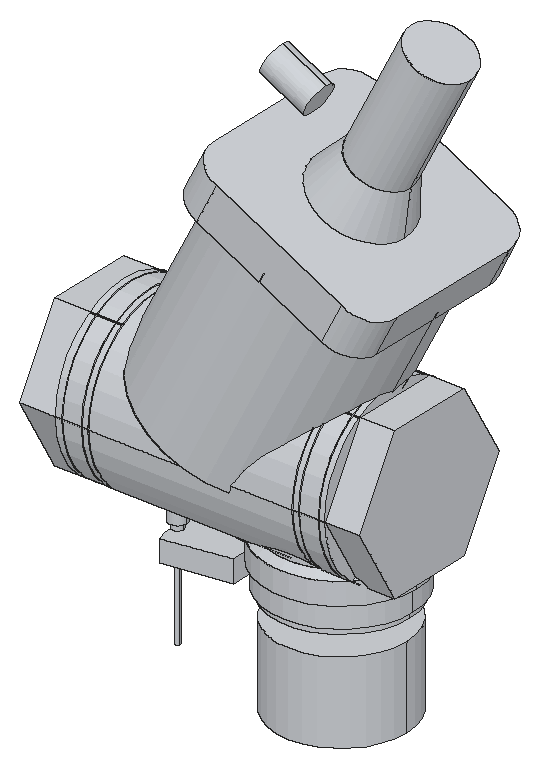
Revit family "PV_Compact_DN032_ 20-80_FF_měř_RFA_2019", category Pipe Accessories, Revit 2019
Family settings
  Round Connector Dimension = Use Diameter
  Part Type = Valve - Breaks Into
  Work Plane-Based = No
  Always vertical = Yes
  Cut with Voids When Loaded = No
  Shared = No
Parameters (values of type "PV Compact DN32 FF s měřením ( 20-80kPa)")
  magiProductId = "4a8a1c2c3ced401aa76adec660b182"
  magiProductFamilyId = "17221e4467384e4990f0bd3f9c07cb"
  magiPartTypeId = 304
  isMeasuringValve [instance] = no
  ang2D [instance] = 0.00°
  Z7 = 15 mm
  Z6 = 40.2 mm
  Z5 = 93.8 mm
  Z4 = 80.4 mm
  Z3 = 13.4 mm
  Z2 = 67 mm
  XR3 = 42.5 mm
  XR2 = 37.5 mm
  XR1 = 25.5 mm
  W2D = 15 mm
  VersionID = "2.0/2018.12.13.2/FRESE_PV_COMPACT_PLUG_Q13_001"
  Use Minimum Symbol Size [instance] = no
  URL = "www.hydronix.cz"
  Type Comments = "závitový s vnitřním závitem; dvěma měřicími vsuvkami; PN25; dpmax=450kPa; -10~+120°C;"
  R5 = 5 mm
  R4 = 15 mm
  R3 = 10 mm
  R2 = 26.5 mm
  R1 = 31.5 mm
  QmdConnectorList = "301;D;302;D"
  Productdata [instance] = ""
  PH__ve = -PH  # -13.6 mm
  PH = 13.6 mm
  NL__ve = -NL  # -20.8 mm
  NL = 20.8 mm
  Manufacturer = "Hydronix"
  MC Use Limits From Balancing Method = no
  MC Throttling Minimum Value = 0
  MC Throttling Maximum Value = 0
  MC Product Code = "53-3214 DN32; FF; nastavitelný rozsah dp=20~80kPa; Q=1000~5000l/h;  kvs=10,1"
  MC Pressure Drop Minimum Value = 0.0 Pa
  MC Pressure Drop Maximum Value = 0.0 Pa
  MC Piping Given Pressure Drop [instance] = 0.0 Pa
  M5 = 41.2 mm
  M4 = 39.2 mm
  M3 = 33.2 mm
  M2 = 31.2 mm
  LP = 52 mm
  LM = 62.4 mm
  LL__ve = -LL  # -6.8 mm
  LLT__ve = -LLT  # -22.6 mm
  LLT = 22.6 mm
  LL2 = 43 mm
  LL = 6.8 mm
  L3 = 25 mm
  L2D_Min = 30.48 mm
  L2D = 65 mm
  Description = "Nastavitelný regulátor tlakové diference"
  DR1 = no
  DR0 = yes
  DL2 = 66 mm
  D = 32 mm
  CenSd_R2_6 = R2 * cos(30.00°)  # 22.95 mm
  CAT0 = yes
  C0D1 = no
  C0D0 = yes
Types (10, lengths in mm): name | magiProductId | Z6 | Z5 | Z4 | Z3 | Z2 | XR3 | XR2 | XR1 | R2 | R1 | PH__ve | PH | NL__ve | NL | MC Product Code | M5 | M4 | M3 | M2 | LP | LM | LL__ve | LLT__ve | LLT | LL2 | LL | L3 | D | CenSd_R2_6
  PV Compact DN15 FF s měřením ( 20-60kPa) | "92c6061b2d364c498536f200ceae3f" | 24.6 | 57.4 | 49.2 | 8.2 | 41 | 30 | 25 | 13 | 14 | 19 | -22.4 | 22.4 | -15 | 15 | "53-3205 DN15; FF; nastavitelný rozsah dp=20~60kPa; Q=100~1000l/h;  kvs=2,9" | 32.5 | 30.5 | 24.5 | 22.5 | 37.5 | 45 | -5.7 | -14.9 | 14.9 | 32 | 5.7 | 11 | 15 | 12.124
  PV Compact DN15 FF s měřením (  5-30kPa) | "f361d342a5c3496a8b127ae77303d4" | 24.6 | 57.4 | 49.2 | 8.2 | 41 | 30 | 25 | 13 | 14 | 19 | -22.4 | 22.4 | -15 | 15 | "53-3204 DN15; FF; nastavitelný rozsah dp=5~30kPa; Q=50~600l/h;  kvs=2,9" | 32.5 | 30.5 | 24.5 | 22.5 | 37.5 | 45 | -5.7 | -14.9 | 14.9 | 32 | 5.7 | 11 | 15 | 12.124
  PV Compact DN20 FF s měřením ( 20-60kPa) | "9f7cac6a20a942348ba3edadb25c10" | 24.6 | 57.4 | 49.2 | 8.2 | 41 | 30 | 25 | 13 | 14 | 19 | -22.4 | 22.4 | -15.8 | 15.8 | "53-3207 DN20; FF; nastavitelný rozsah dp=20~60kPa; Q=150~2000l/h;  kvs=3,5" | 33.7 | 31.7 | 25.7 | 23.7 | 39.5 | 47.4 | -5.7 | -14.9 | 14.9 | 32 | 5.7 | 11 | 20 | 12.124
  PV Compact DN20 FF s měřením (  5-30kPa) | "db23a1b537c14a0d8d3ef5b88ba9f3" | 24.6 | 57.4 | 49.2 | 8.2 | 41 | 30 | 25 | 13 | 14 | 19 | -22.4 | 22.4 | -15.8 | 15.8 | "53-3206 DN20; FF; nastavitelný rozsah dp=5~30kPa; Q=100~1000l/h;  kvs=3,5" | 33.7 | 31.7 | 25.7 | 23.7 | 39.5 | 47.4 | -5.7 | -14.9 | 14.9 | 32 | 5.7 | 11 | 20 | 12.124
  PV Compact DN25 FF s měřením (  5-30kPa) | "df9f1d59aa4a4bbbaec25e168ba07d" | 25.5 | 59.5 | 51 | 8.5 | 42.5 | 30 | 25 | 13 | 14 | 19 | -20.8 | 20.8 | -16.6 | 16.6 | "53-3208 DN25; FF; nastavitelný rozsah dp=5~30kPa; Q=600~2100l/h;  kvs=4,0" | 34.9 | 32.9 | 26.9 | 24.9 | 41.5 | 49.8 | -5.9 | -16.3 | 16.3 | 34 | 5.9 | 11 | 25 | 12.124
  PV Compact DN25L FF s měřením ( 20-80kPa) | "87b7cca8bace4074a54840dfb5d8dc" | 40.2 | 93.8 | 80.4 | 13.4 | 67 | 42.5 | 37.5 | 25.5 | 26.5 | 31.5 | -17.6 | 17.6 | -20 | 20 | "53-3211 DN25L; FF; nastavitelný rozsah dp=20~80kPa; Q=750~4200l/h;  kvs=8,7" | 40 | 38 | 32 | 30 | 50 | 60 | -6.3 | -19.1 | 19.1 | 38 | 6.3 | 11 | 25 | 22.95
  PV Compact DN25L FF s měřením (  5-30kPa) | "5f34f6c18cbb44599cc4b76a533b7b" | 40.2 | 93.8 | 80.4 | 13.4 | 67 | 42.5 | 37.5 | 25.5 | 26.5 | 31.5 | -17.6 | 17.6 | -20 | 20 | "53-3210 DN25L; FF; nastavitelný rozsah dp=5~30kPa; Q=600~2500l/h;  kvs=8,7" | 40 | 38 | 32 | 30 | 50 | 60 | -6.3 | -19.1 | 19.1 | 38 | 6.3 | 11 | 25 | 22.95
  PV Compact DN32 FF s měřením ( 20-80kPa) | "4a8a1c2c3ced401aa76adec660b182" | 40.2 | 93.8 | 80.4 | 13.4 | 67 | 42.5 | 37.5 | 25.5 | 26.5 | 31.5 | -13.6 | 13.6 | -20.8 | 20.8 | "53-3214 DN32; FF; nastavitelný rozsah dp=20~80kPa; Q=1000~5000l/h;  kvs=10,1" | 41.2 | 39.2 | 33.2 | 31.2 | 52 | 62.4 | -6.8 | -22.6 | 22.6 | 43 | 6.8 | 25 | 32 | 22.95
  PV Compact DN40 FF s měřením ( 20-80kPa) | "8dd334465d8f48dd802c3dab6bec5b" | 46.8 | 109.2 | 93.6 | 15.6 | 78 | 42.5 | 37.5 | 25.5 | 26.5 | 31.5 | -11.2 | 11.2 | -27.6 | 27.6 | "53-3216 DN40; FF; nastavitelný rozsah dp=20~80kPa; Q=3000~8000l/h;  kvs=15,8" | 51.4 | 49.4 | 43.4 | 41.4 | 69 | 82.8 | -7.1 | -24.7 | 24.7 | 46 | 7.1 | 25 | 40 | 22.95
  PV Compact DN50 FF s měřením ( 20-80kPa) | "de24153ded7e41748f92358b184bd6" | 46.8 | 109.2 | 93.6 | 15.6 | 78 | 42.5 | 37.5 | 25.5 | 35.25 | 31.5 | -6.4 | 6.4 | -27.6 | 27.6 | "53-3218 DN50; FF; nastavitelný rozsah dp=20~80kPa; Q=5000~11500l/h;  kvs=16,2" | 51.4 | 49.4 | 43.4 | 41.4 | 69 | 82.8 | -7.7 | -28.9 | 28.9 | 52 | 7.7 | 25 | 50 | 30.527
Reference planes
  plane 1 "Center (Front/Back)": y = 0
  plane 2 "XYPLANE": z = 0
  plane 3 "Center (Left/Right)": x = 0
  plane 4 "408": x = 52
  plane 5 "407": x = -52
  plane 6 "402": z = -66
  plane 7 "213": x = 25
  plane 8 "168": z = -18.6
  plane 9 "167": z = -20.6
  plane 10 "166": z = -27.4
  plane 11 "165": z = -34.2
  plane 12 "164": z = -36.2
  plane 13 "154": z = 0
  plane 14 "152": y = 0
  plane 15 "151": z = -43
  plane 16 "150": x = -25
  plane 17 "75": through (307.08, 0, 685.28) normal (0.891, 0, -0.454)
  plane 18 "74": x = 41.2
  plane 19 "73": x = 39.2
  plane 20 "72": x = 33.2
  plane 21 "71": x = 31.2
  plane 22 "70": x = -41.2
  plane 23 "69": x = -39.2
  plane 24 "68": x = -33.2
  plane 25 "67": y = 0
  plane 26 "66": through (-666.893, 0, 343.166) normal (0.454, 0, 0.891)
  plane 27 "65": x = -31.2
  plane 28 "64": through (335.147, 0, 670.979) normal (0.891, 0, -0.454)
  plane 29 "63": through (-637.838, 0, 400.19) normal (0.454, 0, 0.891)
  plane 30 "62": through (363.214, 0, 656.678) normal (0.891, 0, -0.454)
  plane 31 "61": y = 31.5
  plane 32 "60": y = -31.5
  plane 33 "59": through (-631.754, 0, 412.13) normal (0.454, 0, 0.891)
  plane 34 "58": through (-625.671, 0, 424.069) normal (0.454, 0, 0.891)
  plane 35 "57": through (302.625, 0, 687.549) normal (0.891, 0, -0.454)
  plane 36 "56": x = 0
  plane 37 "55": through (-668.255, 0, 340.493) normal (0.454, 0, 0.891)
  plane 38 "102XY": through (-668.255, 0, 340.493) normal (0.454, 0, 0.891)
  plane 39 "102XZ": y = 0
  plane 40 "102YZ": through (340.493, 0, 668.255) normal (0.891, 0, -0.454)
Forms (mm)
  Extrusion 1, solid
    sketch origin (52, -750, 0) x (0, 1, 0) y (0, 0, 1)
      loop
        line (776.5, 0) -> (763.25, 22.95) -> (736.75, 22.95) -> (723.5, 0) -> (736.75, -22.95) -> (763.25, -22.95) -> (776.5, 0)
    from 0 to -20.8 <- "NL__ve"
  Extrusion 2, solid
    sketch origin (-52, -750, 0) x (0, 1, 0) y (0, 0, 1)
      loop
        line (723.5, 0) -> (736.75, -22.95) -> (763.25, -22.95) -> (776.5, 0) -> (763.25, 22.95) -> (736.75, 22.95) -> (723.5, 0)
    from 0 to 20.8 <- "NL"
  Extrusion 3, solid, visible <- "C0D1"
    sketch origin (-750, 0, -66) x (1, 0, 0) y (0, 1, 0)
      loop
        circle (775, 0) r 24
    from 0 to 50
  Extrusion 4, solid, visible <- "DR1"
    sketch origin (-750, 0, -27.4) x (1, 0, 0) y (0, 1, 0)
      loop
        line (775, -24.5) -> (780.092, -6) -> (780.092, 6) -> (775, 24.5) -> (750.608, 6) -> (750.608, -6) -> (775, -24.5)
    from 0 to -13.6 <- "PH__ve"
  Extrusion 5, solid, visible <- "DR1"
    sketch origin (-750, 0, -27.4) x (1, 0, 0) y (0, 1, 0)
      loop
        circle (775, 0) r 24
    from 0 to 6.8 <- "LL"
  Blend 6, solid, visible <- "DR1"
    base sketch origin (-750, 0, -18.6) x (1, 0, 0) y (0, 1, 0)
      loop
        circle (775, 0) r 21.5
    top sketch origin (-750, 0, -18.6) x (1, 0, 0) y (0, 1, 0)
      loop
        circle (775, 0) r 24
    from 0 to -2
  Extrusion 7, solid, visible <- "DR1"
    sketch origin (-750, 0, 0) x (1, 0, 0) y (0, 1, 0)
      loop
        circle (775, 0) r 21.5
    from 0 to -22.6 <- "LLT__ve"
  Extrusion 8, solid, visible <- "C0D0"
    sketch origin (-750, 0, -43) x (1, 0, 0) y (0, 1, 0)
      loop
        circle (775, 0) r 20
    from 0 to -25
  Extrusion 9, solid, visible <- "DR0"
    sketch origin (-750, 0, -36.2) x (1, 0, 0) y (0, 1, 0)
      loop
        line (775, -7) -> (775.762, -3.5) -> (775.762, 3.5) -> (775, 7) -> (754.938, 3.5) -> (754.938, -3.5) -> (775, -7)
    from 0 to -6.8 <- "LL__ve"
  Extrusion 10, solid, visible <- "DR0"
    sketch origin (-750, 0, -36.2) x (1, 0, 0) y (0, 1, 0)
      loop
        circle (775, 0) r 21
    from 0 to 2
  Extrusion 11, solid, visible <- "DR0"
    sketch origin (-750, 0, -27.4) x (1, 0, 0) y (0, 1, 0)
      loop
        circle (775, 0) r 23
    from 0 to 6.8 <- "LL"
  Blend 12, solid, visible <- "DR0"
    base sketch origin (-750, 0, -18.6) x (1, 0, 0) y (0, 1, 0)
      loop
        circle (775, 0) r 20.5
    top sketch origin (-750, 0, -18.6) x (1, 0, 0) y (0, 1, 0)
      loop
        circle (775, 0) r 23
    from 0 to -2
  Extrusion 13, solid, visible <- "DR0"
    sketch origin (-750, 0, 0) x (1, 0, 0) y (0, 1, 0)
      loop
        circle (775, 0) r 20.5
    from 0 to -22.6 <- "LLT__ve"
  Extrusion 14, solid, visible <- "DR0"
    sketch origin (-750, 0, 0) x (1, 0, 0) y (0, 1, 0)
      loop
        circle (775, 0) r 20.5
    from 0 to -22.6 <- "LLT__ve"
  Blend 15, solid, visible <- "DR0"
    base sketch origin (-750, 0, -18.6) x (1, 0, 0) y (0, 1, 0)
      loop
        circle (775, 0) r 20.5
    top sketch origin (-750, 0, -18.6) x (1, 0, 0) y (0, 1, 0)
      loop
        circle (775, 0) r 23
    from 0 to -2
  Extrusion 16, solid, visible <- "DR0"
    sketch origin (-750, 0, -27.4) x (1, 0, 0) y (0, 1, 0)
      loop
        circle (775, 0) r 23
    from 0 to 6.8 <- "LL"
  Extrusion 17, solid, visible <- "DR0"
    sketch origin (-750, 0, -34.2) x (1, 0, 0) y (0, 1, 0)
      loop
        circle (775, 0) r 22
    from 0 to 6.8 <- "LL"
  Extrusion 18, solid, visible <- "DR0"
    sketch origin (-750, 0, -36.2) x (1, 0, 0) y (0, 1, 0)
      loop
        circle (775, 0) r 21
    from 0 to 2
  Extrusion 19, solid, visible <- "DR0"
    sketch origin (-750, 0, -36.2) x (1, 0, 0) y (0, 1, 0)
      loop
        line (775, -7) -> (775.762, -3.5) -> (775.762, 3.5) -> (775, 7) -> (754.938, 3.5) -> (754.938, -3.5) -> (775, -7)
    from 0 to -6.8 <- "LL__ve"
  Extrusion 20, solid, visible <- "C0D0"
    sketch origin (-750, 0, -43) x (1, 0, 0) y (0, 1, 0)
      loop
        circle (775, 0) r 20
    from 0 to -25
  Extrusion 21, solid, visible <- "CAT0"
    sketch origin (-750, 0, -43) x (1, 0, 0) y (0, 1, 0)
      loop
        circle (725, 0) r 0.7
    from 0 to -25
  Extrusion 22, solid
    sketch origin (-750, 0, -36.2) x (1, 0, 0) y (0, 1, 0)
      loop
        line (725, -7) -> (745.062, -3.5) -> (745.062, 3.5) -> (725, 7) -> (724.238, 3.5) -> (724.238, -3.5) -> (725, -7)
    from 0 to -6.8 <- "LL__ve"
  Extrusion 23, solid
    sketch origin (-750, 0, -36.2) x (1, 0, 0) y (0, 1, 0)
      loop
        circle (725, 0) r 1.7
    from 0 to 2
  Extrusion 24, solid
    sketch origin (-750, 0, -34.2) x (1, 0, 0) y (0, 1, 0)
      loop
        circle (725, 0) r 2.7
    from 0 to 6.8 <- "LL"
  Extrusion 25, solid
    sketch origin (-750, 0, -27.4) x (1, 0, 0) y (0, 1, 0)
      loop
        circle (725, 0) r 3.7
    from 0 to 6.8 <- "LL"
  Blend 26, solid
    base sketch origin (-750, 0, -18.6) x (1, 0, 0) y (0, 1, 0)
      loop
        circle (725, 0) r 1.2
    top sketch origin (-750, 0, -18.6) x (1, 0, 0) y (0, 1, 0)
      loop
        circle (725, 0) r 3.7
    from 0 to -2
  Extrusion 27, solid
    sketch origin (-750, 0, 0) x (1, 0, 0) y (0, 1, 0)
      loop
        circle (725, 0) r 1.2
    from 0 to -22.6 <- "LLT__ve"
  Blend 28, solid, visible <- "CAT0"
    base sketch origin (39.2, -750, 0) x (0, 1, 0) y (0, 0, 1)
      loop
        circle (750, 0) r 26.5
    top sketch origin (39.2, -750, 0) x (0, 1, 0) y (0, 0, 1)
      loop
        circle (750, 0) r 26.5
    from 0 to 2
  Extrusion 29, solid, visible <- "CAT0"
    sketch origin (33.2, -750, 0) x (0, 1, 0) y (0, 0, 1)
      loop
        circle (750, 0) r 26.5
    from 0 to 6
  Blend 30, solid, visible <- "CAT0"
    base sketch origin (31.2, -750, 0) x (0, 1, 0) y (0, 0, 1)
      loop
        circle (750, 0) r 26.5
    top sketch origin (31.2, -750, 0) x (0, 1, 0) y (0, 0, 1)
      loop
        circle (750, 0) r 26.5
    from 0 to 2
  Blend 31, solid, visible <- "CAT0"
    base sketch origin (-39.2, -750, 0) x (0, 1, 0) y (0, 0, 1)
      loop
        circle (750, 0) r 26.5
    top sketch origin (-39.2, -750, 0) x (0, 1, 0) y (0, 0, 1)
      loop
        circle (750, 0) r 26.5
    from 0 to -2
  Extrusion 32, solid, visible <- "CAT0"
    sketch origin (-39.2, -750, 0) x (0, 1, 0) y (0, 0, 1)
      loop
        circle (750, 0) r 26.5
    from 0 to 6
  Blend 33, solid, visible <- "CAT0"
    base sketch origin (-33.2, -750, 0) x (0, 1, 0) y (0, 0, 1)
      loop
        circle (750, 0) r 26.5
    top sketch origin (-33.2, -750, 0) x (0, 1, 0) y (0, 0, 1)
      loop
        circle (750, 0) r 26.5
    from 0 to 2
  Extrusion 34, solid, visible <- "CAT0"
    sketch origin (-31.2, -750, 0) x (0, 1, 0) y (0, 0, 1)
      loop
        circle (750, 0) r 26.5
    from 0 to 62.4 <- "LM"
  Extrusion 35, solid, visible <- "CAT0"
    sketch origin (-666.893, 0, 343.166) x (0.891007, 0, -0.45399) y (0, 1, 0)
      loop
        circle (744, 0) r 31.5
    from 0 to 67 <- "Z2"
  Extrusion 36, solid, visible <- "CAT0"
    sketch origin (-637.838, 0, 400.19) x (0.891007, 0, -0.45399) y (0, 1, 0)
      loop
        arc (722.5, 31.5) -> (715.429, 28.571) -> (712.5, 21.5) r 10
        line (712.5, 21.5) -> (712.5, -21.5)
        arc (712.5, -21.5) -> (715.429, -28.571) -> (722.5, -31.5) r 10
        line (722.5, -31.5) -> (765.5, -31.5)
        arc (765.5, -31.5) -> (772.571, -28.571) -> (775.5, -21.5) r 10
        line (775.5, -21.5) -> (775.5, 21.5)
        arc (775.5, 21.5) -> (772.571, 28.571) -> (765.5, 31.5) r 10
        line (765.5, 31.5) -> (722.5, 31.5)
    from 0 to 13.4 <- "Z3"
  Blend 37, solid, visible <- "CAT0"
    base sketch origin (-631.754, 0, 412.13) x (0.891007, 0, -0.45399) y (0, 1, 0)
      loop
        circle (744, 0) r 15
    top sketch origin (-631.754, 0, 412.13) x (0.891007, 0, -0.45399) y (0, 1, 0)
      loop
        circle (744, 0) r 10
    from 0 to 13.4
  Extrusion 38, solid, visible <- "CAT0"
    sketch origin (-625.671, 0, 424.069) x (0.891007, 0, -0.45399) y (0, 1, 0)
      loop
        circle (744, 0) r 10
    from 0 to 40.2 <- "Z6"
  Extrusion 39, solid, visible <- "CAT0"
    sketch origin (302.625, 0, 687.549) x (-0.45399, 0, -0.891007) y (0, 1, 0)
      loop
        circle (656.2, 0) r 5
    from 0 to 15 <- "Z7"
  Blend 40, solid, visible <- "CAT0"
    base sketch origin (-668.255, 0, 340.493) x (0.891007, 0, -0.45399) y (0, 1, 0)
      loop
        circle (744, 0) r 27.5
    top sketch origin (-668.255, 0, 340.493) x (0.891007, 0, -0.45399) y (0, 1, 0)
      loop
        circle (744, 0) r 31.5
    from 0 to 3
  Extrusion 41, solid, not visible
    sketch origin (-41.2, -750, 0) x (0, 1, 0) y (0, 0, 1)
      loop
        circle (750, 0) r 22.5
    from 0 to 10
  Extrusion 42, solid, not visible
    sketch origin (41.2, -750, 0) x (0, 1, 0) y (0, 0, 1)
      loop
        circle (750, 0) r 22.5
    from 0 to -10
Lines and regions (mm)
  reference lines, not visible
    curve 1: circle (2, 2, 0) r 1 normal (0, 0, 1)
  reference lines
    curve 2: line (52, 0, 0) -> (52, -3.5, 6.062)
    curve 3: line (52, 0, 0) -> (52, -7, 0)
    curve 4: line (52, 0, 0) -> (52, -3.5, -6.062)
    curve 5: line (-52, 0, 0) -> (-52, 3.5, 6.062)
    curve 6: line (-52, 0, 0) -> (-52, 7, 0)
    curve 7: line (-52, 0, 0) -> (-52, 3.5, -6.062)
Dimensions and locks
  plane 1 "Center (Front/Back)" to curve 1 = 2 mm
  "LP": plane 36 "56" to plane 4 "408"
  "LP": plane 36 "56" to plane 5 "407"
  "DL2": plane 2 "XYPLANE" to plane 6 "402"
  "L3": plane 3 "Center (Left/Right)" to plane 7 "213"
  locked: plane 9 "167" to plane 8 "168" at 2
  "LL": plane 10 "166" to plane 9 "167"
  "LL": plane 11 "165" to plane 10 "166"
  locked: plane 12 "164" to plane 11 "165" at 2
  "LL": plane 15 "151" to plane 12 "164"
  locked: plane 2 "XYPLANE" to plane 13 "154"
  locked: plane 1 "Center (Front/Back)" to plane 14 "152"
  "LL2": plane 2 "XYPLANE" to plane 15 "151"
  "L3": plane 3 "Center (Left/Right)" to plane 16 "150"
  "XR2": plane 40 "102YZ" to plane 17 "75"
  "M5": plane 3 "Center (Left/Right)" to plane 18 "74"
  "M4": plane 3 "Center (Left/Right)" to plane 19 "73"
  "M3": plane 3 "Center (Left/Right)" to plane 20 "72"
  "M2": plane 3 "Center (Left/Right)" to plane 21 "71"
  "M5": plane 3 "Center (Left/Right)" to plane 22 "70"
  "M4": plane 3 "Center (Left/Right)" to plane 23 "69"
  "M3": plane 3 "Center (Left/Right)" to plane 24 "68"
  locked: plane 14 "152" to plane 25 "67"
  locked: plane 38 "102XY" to plane 26 "66" at 3
  "M2": plane 3 "Center (Left/Right)" to plane 27 "65"
  locked: plane 40 "102YZ" to plane 28 "64" at 6
  "Z2": plane 38 "102XY" to plane 29 "63"
  "XR1": plane 40 "102YZ" to plane 30 "62"
  "R1": plane 14 "152" to plane 31 "61"
  "R1": plane 14 "152" to plane 32 "60"
  "Z4": plane 38 "102XY" to plane 33 "59"
  "Z5": plane 38 "102XY" to plane 34 "58"
  "XR3": plane 40 "102YZ" to plane 35 "57"
  locked: plane 3 "Center (Left/Right)" to plane 36 "56"
  locked: plane 38 "102XY" to plane 37 "55"
  "CenSd_R2_6": curve 2 to Extrusion 1 sketch curve  (x2)
  "CenSd_R2_6": curve 3 to Extrusion 1 sketch curve  (x2)
  "CenSd_R2_6": curve 4 to Extrusion 1 sketch curve  (x2)
  Extrusion 1 sketch curve to Extrusion 1 sketch curve = 0 mm  (x12)
  "CenSd_R2_6": curve 5 to Extrusion 2 sketch curve  (x2)
  "CenSd_R2_6": curve 6 to Extrusion 2 sketch curve  (x2)
  "CenSd_R2_6": curve 7 to Extrusion 2 sketch curve  (x2)
  Extrusion 2 sketch curve to Extrusion 2 sketch curve = 0 mm  (x12)
  Extrusion 4 sketch curve to Extrusion 4 sketch curve = 0 mm  (x12)
  Extrusion 9 sketch curve to Extrusion 9 sketch curve = 0 mm  (x12)
  Extrusion 19 sketch curve to Extrusion 19 sketch curve = 0 mm  (x12)
  Extrusion 22 sketch curve to Extrusion 22 sketch curve = 0 mm  (x12)
  Extrusion 36 sketch curve to Extrusion 36 sketch curve = 0 mm  (x16)
  "R2": radius of Blend 28 sketch curve  (x2)
  "R2": radius of Extrusion 29 sketch curve
  "R2": radius of Blend 30 sketch curve  (x2)
  "R2": radius of Blend 31 sketch curve  (x2)
  "R2": radius of Extrusion 32 sketch curve
  "R2": radius of Blend 33 sketch curve  (x2)
  "R2": radius of Extrusion 34 sketch curve
  "R1": radius of Extrusion 35 sketch curve
  radius of Extrusion 36 sketch curve = 10 mm  (x4)
  "R3": radius of Blend 37 sketch curve
  "R4": radius of Blend 37 sketch curve
  "R3": radius of Extrusion 38 sketch curve
  "R5": radius of Extrusion 39 sketch curve
  "R1": radius of Blend 40 sketch curve
  locked: curve 3 to curve 2 (angle 60.00°)
  locked: curve 4 to curve 3 (angle 60.00°)
  locked: curve 4 to curve 2 (angle 120.00°)
  locked: curve 6 to curve 5 (angle 60.00°)
  locked: curve 7 to curve 6 (angle 60.00°)
  locked: curve 7 to curve 5 (angle 120.00°)
  aligned and locked: level to plane 2 "XYPLANE"
  aligned and locked: plane 13 "154" to curve 4
  aligned and locked: curve 4 to plane 14 "152"
  aligned and locked: plane 13 "154" to curve 7
  aligned and locked: curve 7 to plane 14 "152"
  aligned and locked: plane 7 "213" to Extrusion 3 sketch curve
  aligned and locked: plane 14 "152" to Extrusion 3 sketch curve
  aligned and locked: plane 7 "213" to Extrusion 5 sketch curve
  aligned and locked: plane 14 "152" to Extrusion 5 sketch curve
  aligned and locked: plane 7 "213" to Blend 6 sketch curve  (x2)
  aligned and locked: plane 14 "152" to Blend 6 sketch curve  (x2)
  aligned and locked: Blend 6 to plane 9 "167"
  aligned and locked: plane 7 "213" to Extrusion 7 sketch curve
  aligned and locked: plane 14 "152" to Extrusion 7 sketch curve
  aligned and locked: plane 7 "213" to Extrusion 8 sketch curve
  aligned and locked: plane 14 "152" to Extrusion 8 sketch curve
  aligned and locked: plane 7 "213" to Extrusion 10 sketch curve
  aligned and locked: plane 14 "152" to Extrusion 10 sketch curve
  aligned and locked: plane 7 "213" to Extrusion 11 sketch curve
  aligned and locked: plane 14 "152" to Extrusion 11 sketch curve
  aligned and locked: plane 7 "213" to Blend 12 sketch curve  (x2)
  aligned and locked: plane 14 "152" to Blend 12 sketch curve  (x2)
  aligned and locked: Blend 12 to plane 9 "167"
  aligned and locked: plane 7 "213" to Extrusion 13 sketch curve
  aligned and locked: plane 14 "152" to Extrusion 13 sketch curve
  aligned and locked: plane 7 "213" to Extrusion 14 sketch curve
  aligned and locked: plane 14 "152" to Extrusion 14 sketch curve
  aligned and locked: plane 7 "213" to Blend 15 sketch curve  (x2)
  aligned and locked: plane 14 "152" to Blend 15 sketch curve  (x2)
  aligned and locked: Blend 15 to plane 9 "167"
  aligned and locked: plane 7 "213" to Extrusion 16 sketch curve
  aligned and locked: plane 14 "152" to Extrusion 16 sketch curve
  aligned and locked: plane 7 "213" to Extrusion 17 sketch curve
  aligned and locked: plane 14 "152" to Extrusion 17 sketch curve
  aligned and locked: plane 7 "213" to Extrusion 18 sketch curve
  aligned and locked: plane 14 "152" to Extrusion 18 sketch curve
  aligned and locked: plane 7 "213" to Extrusion 20 sketch curve
  aligned and locked: plane 14 "152" to Extrusion 20 sketch curve
  aligned and locked: plane 14 "152" to Extrusion 21 sketch curve
  aligned and locked: plane 16 "150" to Extrusion 21 sketch curve
  aligned and locked: plane 14 "152" to Extrusion 23 sketch curve
  aligned and locked: plane 16 "150" to Extrusion 23 sketch curve
  aligned and locked: plane 14 "152" to Extrusion 24 sketch curve
  aligned and locked: plane 16 "150" to Extrusion 24 sketch curve
  aligned and locked: plane 14 "152" to Extrusion 25 sketch curve
  aligned and locked: plane 16 "150" to Extrusion 25 sketch curve
  aligned and locked: plane 14 "152" to Blend 26 sketch curve  (x2)
  aligned and locked: plane 16 "150" to Blend 26 sketch curve  (x2)
  aligned and locked: Blend 26 to plane 9 "167"
  aligned and locked: plane 14 "152" to Extrusion 27 sketch curve
  aligned and locked: plane 16 "150" to Extrusion 27 sketch curve
  aligned and locked: plane 13 "154" to Blend 28 sketch curve  (x2)
  aligned and locked: Blend 28 sketch curve to plane 14 "152"  (x2)
  aligned and locked: plane 18 "74" to Blend 28
  aligned and locked: plane 13 "154" to Extrusion 29 sketch curve
  aligned and locked: Extrusion 29 sketch curve to plane 14 "152"
  aligned and locked: plane 13 "154" to Blend 30 sketch curve  (x2)
  aligned and locked: Blend 30 sketch curve to plane 14 "152"  (x2)
  aligned and locked: plane 20 "72" to Blend 30
  aligned and locked: plane 13 "154" to Blend 31 sketch curve  (x2)
  aligned and locked: Blend 31 sketch curve to plane 14 "152"  (x2)
  aligned and locked: Blend 31 to plane 22 "70"
  aligned and locked: plane 13 "154" to Extrusion 32 sketch curve
  aligned and locked: Extrusion 32 sketch curve to plane 14 "152"
  aligned and locked: plane 13 "154" to Blend 33 sketch curve  (x2)
  aligned and locked: Blend 33 sketch curve to plane 14 "152"  (x2)
  aligned and locked: plane 27 "65" to Blend 33
  aligned and locked: plane 13 "154" to Extrusion 34 sketch curve
  aligned and locked: Extrusion 34 sketch curve to plane 14 "152"
  aligned and locked: plane 25 "67" to Extrusion 35 sketch curve
  aligned and locked: Extrusion 35 sketch curve to plane 28 "64"
  aligned and locked: Extrusion 36 sketch curve to plane 17 "75"
  aligned and locked: Extrusion 36 sketch curve to plane 32 "60"
  aligned and locked: Extrusion 36 sketch curve to plane 30 "62"
  aligned and locked: plane 31 "61" to Extrusion 36 sketch curve
  aligned and locked: plane 25 "67" to Blend 37 sketch curve  (x2)
  aligned and locked: Blend 37 sketch curve to plane 28 "64"  (x2)
  aligned and locked: plane 34 "58" to Blend 37
  aligned and locked: plane 25 "67" to Extrusion 38 sketch curve
  aligned and locked: Extrusion 38 sketch curve to plane 28 "64"
  aligned and locked: plane 25 "67" to Extrusion 39 sketch curve
  aligned and locked: plane 34 "58" to Extrusion 39 sketch curve
  aligned and locked: plane 25 "67" to Blend 40 sketch curve  (x2)
  aligned and locked: Blend 40 sketch curve to plane 28 "64"  (x2)
  aligned and locked: plane 26 "66" to Blend 40
  aligned and locked: plane 13 "154" to Extrusion 41 sketch curve
  aligned and locked: Extrusion 41 sketch curve to plane 14 "152"
  aligned and locked: plane 13 "154" to Extrusion 42 sketch curve
  aligned and locked: Extrusion 42 sketch curve to plane 14 "152"
Automatic sketch dimensions
  plane 3 "Center (Left/Right)" to Extrusion 3 sketch curve = 1 mm
  Extrusion 4 sketch curve to plane 7 "213" = 0 mm  (x2)
  plane 3 "Center (Left/Right)" to Extrusion 4 sketch curve = 0.608 mm
  Extrusion 4 sketch curve to plane 21 "71" = 1.108 mm
  plane 32 "60" to Extrusion 4 sketch curve = 7 mm
  plane 1 "Center (Front/Back)" to Extrusion 4 sketch curve = 6 mm  (x2)
  Extrusion 4 sketch curve to plane 1 "Center (Front/Back)" = 6 mm  (x2)
  Extrusion 4 sketch curve to plane 31 "61" = 7 mm
  plane 3 "Center (Left/Right)" to Extrusion 5 sketch curve = 1 mm
  plane 3 "Center (Left/Right)" to Blend 6 sketch curve = 3.5 mm
  plane 3 "Center (Left/Right)" to Blend 6 sketch curve = 1 mm
  plane 3 "Center (Left/Right)" to Extrusion 7 sketch curve = 3.5 mm
  plane 3 "Center (Left/Right)" to Extrusion 8 sketch curve = 5 mm
  Extrusion 9 sketch curve to plane 7 "213" = 0 mm  (x2)
  plane 3 "Center (Left/Right)" to Extrusion 9 sketch curve = 4.938 mm
  Extrusion 9 sketch curve to plane 21 "71" = 5.438 mm
  plane 1 "Center (Front/Back)" to Extrusion 9 sketch curve = 7 mm
  plane 1 "Center (Front/Back)" to Extrusion 9 sketch curve = 3.5 mm  (x2)
  Extrusion 9 sketch curve to plane 1 "Center (Front/Back)" = 3.5 mm  (x2)
  Extrusion 9 sketch curve to Extrusion 9 sketch curve = 3.5 mm
  plane 3 "Center (Left/Right)" to Extrusion 10 sketch curve = 4 mm
  plane 3 "Center (Left/Right)" to Extrusion 11 sketch curve = 2 mm
  plane 3 "Center (Left/Right)" to Blend 12 sketch curve = 4.5 mm
  plane 3 "Center (Left/Right)" to Blend 12 sketch curve = 2 mm
  plane 3 "Center (Left/Right)" to Extrusion 13 sketch curve = 4.5 mm
  plane 3 "Center (Left/Right)" to Extrusion 14 sketch curve = 4.5 mm
  plane 3 "Center (Left/Right)" to Blend 15 sketch curve = 4.5 mm
  plane 3 "Center (Left/Right)" to Blend 15 sketch curve = 2 mm
  plane 3 "Center (Left/Right)" to Extrusion 16 sketch curve = 2 mm
  plane 3 "Center (Left/Right)" to Extrusion 17 sketch curve = 3 mm
  plane 3 "Center (Left/Right)" to Extrusion 18 sketch curve = 4 mm
  Extrusion 19 sketch curve to plane 7 "213" = 0 mm  (x2)
  plane 3 "Center (Left/Right)" to Extrusion 19 sketch curve = 4.938 mm
  Extrusion 19 sketch curve to plane 21 "71" = 5.438 mm
  plane 1 "Center (Front/Back)" to Extrusion 19 sketch curve = 7 mm
  plane 1 "Center (Front/Back)" to Extrusion 19 sketch curve = 3.5 mm  (x2)
  Extrusion 19 sketch curve to plane 1 "Center (Front/Back)" = 3.5 mm  (x2)
  Extrusion 19 sketch curve to Extrusion 19 sketch curve = 3.5 mm
  plane 3 "Center (Left/Right)" to Extrusion 20 sketch curve = 5 mm
  plane 27 "65" to Extrusion 21 sketch curve = 5.5 mm
  Extrusion 22 sketch curve to plane 16 "150" = 0 mm  (x2)
  plane 27 "65" to Extrusion 22 sketch curve = 5.438 mm
  Extrusion 22 sketch curve to plane 3 "Center (Left/Right)" = 4.938 mm
  plane 1 "Center (Front/Back)" to Extrusion 22 sketch curve = 7 mm
  plane 1 "Center (Front/Back)" to Extrusion 22 sketch curve = 3.5 mm  (x2)
  Extrusion 22 sketch curve to plane 1 "Center (Front/Back)" = 3.5 mm  (x2)
  Extrusion 22 sketch curve to Extrusion 22 sketch curve = 3.5 mm
  plane 27 "65" to Extrusion 23 sketch curve = 4.5 mm
  plane 27 "65" to Extrusion 24 sketch curve = 3.5 mm
  plane 27 "65" to Extrusion 25 sketch curve = 2.5 mm
  plane 27 "65" to Blend 26 sketch curve = 5 mm
  plane 27 "65" to Blend 26 sketch curve = 2.5 mm
  plane 27 "65" to Extrusion 27 sketch curve = 5 mm
  plane 17 "75" to Blend 40 sketch curve = 4 mm
  plane 32 "60" to Extrusion 41 sketch curve = 9 mm
  plane 32 "60" to Extrusion 42 sketch curve = 9 mm
  plane 3 "Center (Left/Right)" to curve 1 = 2 mm
  radius of curve 1 = 1 mm
Connectors
  piping at (-41.2, 0, 0), diameter 32, driven by "D"
    settings: on Extrusion 41, index 1, connector inside diameter 609.6 mm, connector length 0 mm, flow factor 0, pipe flow 0.0 L/s, pressure drop 0.0 Pa, fitting loss kfactor 0, connector angle 0.00°, fixture units 0, engagement length 0 mm, angle of deflection 0.00°, flow configuration 0, flow direction 0, fitting loss method 0, system type 29, joint type 0, gender type 0, connector reference index 2, connector utility 0, adjustable connector no, is connector primary yes, connector description ""
  piping at (41.2, 0, 0), diameter 32, driven by "D"
    settings: on Extrusion 42, index 2, connector inside diameter 609.6 mm, connector length 0 mm, flow factor 0, pipe flow 0.0 L/s, pressure drop 0.0 Pa, fitting loss kfactor 0, connector angle 0.00°, fixture units 0, engagement length 0 mm, angle of deflection 0.00°, flow configuration 0, flow direction 0, fitting loss method 0, system type 29, joint type 0, gender type 0, connector reference index 1, connector utility 0, adjustable connector no, is connector primary no, connector description ""
